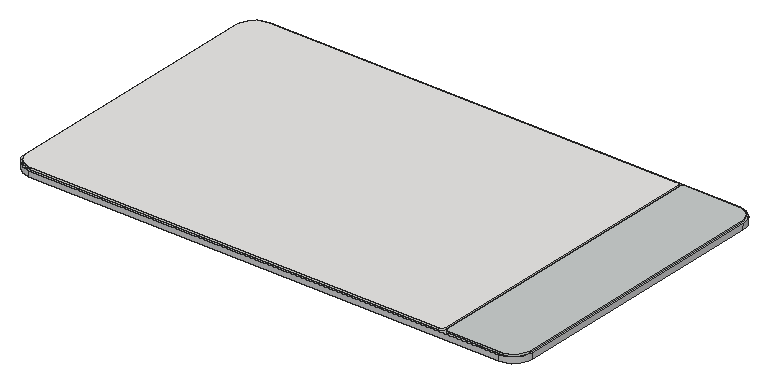
Revit family "Clarus_beWall_R18", category Furniture, host Face, Revit 2018
Family settings
  Host = Face
  Cut with Voids When Loaded = No
  Shared = No
  Room Calculation Point = No
Parameters (values of type "67 3/8" X 40"")
  Width = 67 3/8"
  URL = "https://www.clarus.com/"
  TRC Standards [instance] = "http://therevitcollection.com/news/trc-news-the-revit-collection-standards-explained/"
  Product URL = "https://www.clarus.com/be-wall/"
  More Revit Families! [instance] = "www.therevitcollection.com"
  Modeled By = "Commense Studio"  # constant formula
  Model = "be! Wall"  # constant formula
  Manufacturer = "Clarus"  # constant formula
  Clarus Glass [instance] = CBC-116 Smooth White
  Core Finish [instance] = Clarus Gray
  Description = "The simple and elegant be! Wall glassboard puts your best ideas on display.\r\nThe cleanly designed be! Wall comes in one standard size with a selection\r\nof two core fi nishes and boasts magnetic glass, radiused corners, and added\r\ndepth to prevent marker smudges and stains on your wall. The small acoustic\r\npanel is ideal for tacking up important items such as photos, notes, or fabric\r\nsamples to enhance your most creative brainstorm sessions. Easily installed\r\nwith the Clarus® TruMount™ system, the be! Wall can be hung horizontally\r\nor vertically, accommodating any modern-day work environment. With be!\r\nWall, everyone can collaborate without breaking the bank."  # constant formula
  Height = 40"
  Designer = ""
  Depth = 1 1/2"
  Default Elevation = 0"
  Assembly Code = ""
  Acoustic Panel [instance] = Clarus Marbled Gray
Reference planes (in)
  plane 1 "Center (Front/Back)": y = 0
  plane 2: z = 0
  plane 3 "Center (Left/Right)": x = 0
  plane 4 "L": x = -33.6875
  plane 5 "R": x = 33.6875
  plane 6 "B": y = 20
  plane 7 "F": y = -20
  plane 8: z = 1.5
  plane 9: x = -33.43753
  plane 10: x = 33.43753
  plane 11: z = 1.34375
  plane 12: z = 1.71875
  plane 13: x = 23.8125
  plane 14: x = 23.5625
  plane 15: z = 0.59375
Forms (in)
  Extrusion 1, solid, material "Clarus Gray" <- "Core Finish"
    sketch origin (0, 0, 0) x (1, 0, 0) y (0, 1, 0)
      loop
        arc (-31.1875, 20) -> (-32.95527, 19.26777) -> (-33.6875, 17.5) r 2.5
        line (-33.6875, 17.5) -> (-33.6875, -17.5)
        arc (-33.6875, -17.5) -> (-32.95527, -19.26777) -> (-31.1875, -20) r 2.5
        line (-31.1875, -20) -> (31.1875, -20)
        arc (31.1875, -20) -> (32.95527, -19.26777) -> (33.6875, -17.5) r 2.5
        line (33.6875, -17.5) -> (33.6875, 17.5)
        arc (33.6875, 17.5) -> (32.95527, 19.26777) -> (31.1875, 20) r 2.5
        line (31.1875, 20) -> (-31.1875, 20)
    from 0.59375 to 1.34375
  Extrusion 2, solid, material "CBC-116 Smooth White" <- "Clarus Glass"
    sketch origin (0, 0, 0) x (1, 0, 0) y (0, 1, 0)
      loop
        arc (-31.1875, 19.75) -> (-32.77849, 19.09099) -> (-33.4375, 17.5) r 2.25
        line (-33.4375, 17.5) -> (-33.4375, -17.5)
        arc (-33.4375, -17.5) -> (-32.77849, -19.09099) -> (-31.1875, -19.75) r 2.25
        line (-31.1875, -19.75) -> (23.0625, -19.75)
        arc (23.0625, -19.75) -> (23.41605, -19.60355) -> (23.5625, -19.25) r 0.5
        line (23.5625, -19.25) -> (23.5625, 19.25)
        arc (23.5625, 19.25) -> (23.41605, 19.60355) -> (23.0625, 19.75) r 0.5
        line (23.0625, 19.75) -> (-31.1875, 19.75)
    from 1.34375 to 1.5
  Extrusion 3, solid, material "Clarus Marbled Gray" <- "Acoustic Panel"
    sketch origin (0.75, 0, 0) x (1, 0, 0) y (0, 1, 0)
      loop
        line (30.43753, 19.75) -> (23.5625, 19.75)
        arc (23.5625, 19.75) -> (23.20895, 19.60355) -> (23.0625, 19.25) r 0.5
        line (23.0625, 19.25) -> (23.0625, -19.25)
        arc (23.0625, -19.25) -> (23.20895, -19.60355) -> (23.5625, -19.75) r 0.5
        line (23.5625, -19.75) -> (30.43753, -19.75)
        arc (30.43753, -19.75) -> (32.02852, -19.09099) -> (32.68753, -17.5) r 2.25
        line (32.68753, -17.5) -> (32.68753, 17.5)
        arc (32.68753, 17.5) -> (32.02852, 19.09099) -> (30.43753, 19.75) r 2.25
    from 1.34375 to 1.5
Dimensions and locks (in)
  equal spacing: plane 4 "L", plane 3 "Center (Left/Right)", plane 5 "R"
  "Width": plane 4 "L" to plane 5 "R"
  equal spacing: plane 7 "F", plane 1 "Center (Front/Back)", plane 6 "B"
  "Height": plane 7 "F" to plane 6 "B"
  "Depth": plane 8 to level
  plane 9 to plane 4 "L" = 0.24997"
  plane 10 to plane 5 "R" = 0.24997"
  locked: plane 8 to plane 11 at 0.15625
  locked: plane 12 to plane 11 at 0.375
  locked: plane 11 to plane 15 at 0.75
  aligned and locked: plane 2 to host face
  aligned and locked: level to host face
  aligned and locked: Extrusion 1 to plane 15
  aligned and locked: plane 11 to Extrusion 1
  aligned and locked: plane 8 to Extrusion 2
  aligned and locked: Extrusion 2 to plane 11
  aligned and locked: Extrusion 3 sketch curve to plane 10
  aligned and locked: Extrusion 3 sketch curve to plane 13
Automatic sketch dimensions
  host sketch curve to host sketch curve = 96"  (x2)
  Extrusion 1 sketch curve to plane 4 "L" = 0"
  plane 7 "F" to Extrusion 1 sketch curve = 0"
  plane 6 "B" to Extrusion 1 sketch curve = 0"
  Extrusion 1 sketch curve to plane 5 "R" = 0"
  plane 9 to Extrusion 1 sketch curve = 2.25003"  (x2)
  plane 10 to Extrusion 1 sketch curve = 2.25003"  (x2)
  Extrusion 2 sketch curve to plane 14 = 0"
  Extrusion 2 sketch curve to plane 7 "F" = 1/4"
  Extrusion 2 sketch curve to plane 14 = 1/2"
  Extrusion 2 sketch curve to Extrusion 2 sketch curve = 1/2"
  plane 9 to Extrusion 2 sketch curve = 2.25003"  (x2)
  plane 6 "B" to Extrusion 2 sketch curve = 1/4"
  plane 9 to Extrusion 2 sketch curve = 0.00003"
  Extrusion 3 sketch curve to plane 7 "F" = 1/4"
  plane 13 to Extrusion 3 sketch curve = 1/2"  (x2)
  plane 6 "B" to Extrusion 3 sketch curve = 1/4"
  plane 10 to Extrusion 3 sketch curve = 2 1/4"  (x2)
